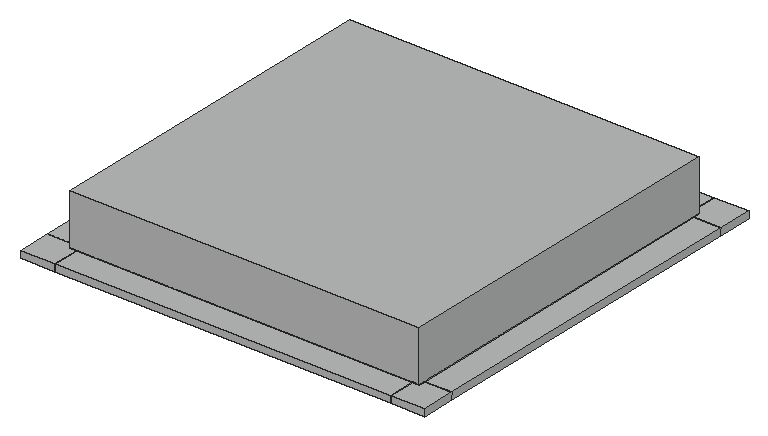
Revit family "ALUMOGIPS", category Осветительные приборы, Revit 2019 (continued)
Types (72, lengths in mm): name | Файл фотометрической сетки | built-in parameter 1150105 | Lumens | built-in parameter 1150106 | built-in parameter 1150142 | Wattage | Emit from Rectangle Width | Emit from Rectangle Length | Длина | Материал светильника | Ширина | ADSK_Ток | ADSK_Полная мощность | ADSK_Обозначение | ADSK_Номинальная мощность | ADSK_Наименование | ADSK_Масса | ADSK_Код изделия
    196 0.098 0.000 \r\n2755.907 2753.946 2748.260 2737.478 2720.912 2700.033 2674.744 2645.337 2610.931 2572.507 2529.769 2483.012 2433.216 2379.303 2322.156 2262.167 2199.040 2133.267 \r\n2064.945 1994.662 1921.734 1847.335 1770.975 1693.244 1613.943 1533.270 1451.127 1368.494 1281.058 1195.288 1110.695 1024.631 938.959 853.581 767.909 683.414 599.507 517.559 \r\n437.573 360.625 287.010 217.904 151.347 91.455 37.150 3.725 3.627 3.529 3.529 3.431 3.332 3.234 3.137 3.039 2.941 2.941 2.842 2.744 2.647 2.549 2.450 2.450 2.352 2.254 2.157 2.059 1.960 1.862 1.862 \r\n1.764 1.667 1.569 1.470 1.372 1.372 1.274 1.177 1.078 0.980 0.882 0.784 0.784 0.687 0.588 0.490 0.392 0.294 0.294 0.196 0.098 0.000 \r\n2755.907 2754.044 2748.359 2737.675 2721.304 2700.425 2675.332 2645.925 2611.617 2573.192 2530.454 2483.697 2434.000 2380.185 2322.940 2263.049 2200.021 2134.149 \r\n2065.925 1995.642 1922.714 1848.315 1772.053 1694.224 1614.923 1534.152 1452.107 1369.377 1282.038 1196.170 1111.380 1025.316 939.645 854.170 768.399 683.806 599.899 517.854 \r\n437.868 360.822 287.207 218.003 151.445 91.455 37.248 3.725 3.627 3.529 3.529 3.431 3.332 3.234 3.137 3.039 3.039 2.941 2.842 2.744 2.647 2.549 2.450 2.450 2.352 2.254 2.157 2.059 1.960 1.862 1.862 \r\n1.764 1.667 1.569 1.470 1.372 1.372 1.274 1.177 1.078 0.980 0.882 0.784 0.784 0.687 0.588 0.490 0.392 0.294 0.294 0.196 0.098 0.000 \r\n2755.907 2754.142 2748.457 2737.968 2721.599 2700.818 2675.822 2646.415 2612.304 2573.879 2531.141 2484.482 2434.785 2380.970 2323.823 2263.931 2201.001 2135.129 \r\n2066.905 1996.624 1923.694 1849.295 1773.033 1695.204 1615.903 1535.132 1452.990 1370.259 1282.921 1196.954 1112.165 1026.101 940.234 854.757 768.890 684.296 600.291 518.147 \r\n438.161 361.017 287.402 218.100 151.445 91.553 37.248 3.725 3.627 3.529 3.529 3.431 3.332 3.234 3.137 3.039 3.039 2.941 2.842 2.744 2.647 2.549 2.450 2.450 2.352 2.254 2.157 2.059 1.960 1.960 1.862 \r\n1.764 1.667 1.569 1.470 1.372 1.372 1.274 1.177 1.078 0.980 0.882 0.784 0.784 0.687 0.588 0.490 0.392 0.294 0.294 0.196 0.098 0.000 \r\n2755.907 2754.240 2748.652 2738.262 2721.892 2701.210 2676.410 2647.004 2612.989 2574.564 2531.826 2485.168 2435.569 2381.852 2324.705 2264.813 2201.981 2136.109 \r\n2067.885 1997.604 1924.674 1850.276 1774.014 1696.184 1616.883 1536.015 1453.872 1371.141 1283.901 1197.739 1112.949 1026.788 940.919 855.345 769.380 684.688 600.682 518.539 \r\n438.358 361.214 287.500 218.296 151.543 91.553 37.347 3.725 3.627 3.627 3.529 3.431 3.332 3.234 3.137 3.039 3.039 2.941 2.842 2.744 2.647 2.549 2.450 2.450 2.352 2.254 2.157 2.059 1.960 1.960 1.862 \r\n1.764 1.667 1.569 1.470 1.372 1.372 1.274 1.177 1.078 0.980 0.882 0.784 0.784 0.687 0.588 0.490 0.392 0.294 0.294 0.196 0.098 0.000 \r\n2755.907 2754.338 2748.751 2738.557 2722.187 2701.700 2676.901 2647.592 2613.676 2575.251 2532.513 2485.854 2436.352 2382.734 2325.587 2265.696 2202.961 2136.991 \r\n2068.866 1998.584 1925.753 1851.354 1774.994 1697.164 1617.864 1536.995 1454.852 1372.023 1284.783 1198.621 1113.635 1027.473 941.606 855.934 769.968 685.178 601.074 518.834 \r\n438.651 361.409 287.697 218.395 151.641 91.651 37.445 3.725 3.627 3.627 3.529 3.431 3.332 3.234 3.137 3.039 3.039 2.941 2.842 2.744 2.647 2.549 2.450 2.450 2.352 2.254 2.157 2.059 1.960 1.960 1.862 \r\n1.764 1.667 1.569 1.470 1.372 1.372 1.274 1.177 1.078 0.980 0.882 0.784 0.784 0.687 0.588 0.490 0.392 0.294 0.294 0.196 0.098 0.000 \r\n2755.907 2754.436 2748.849 2738.752 2722.481 2702.092 2677.391 2648.179 2614.264 2576.035 2533.199 2486.638 2437.137 2383.616 2326.469 2266.578 2203.941 2137.971 \r\n2069.846 1999.466 1926.733 1852.334 1775.974 1698.145 1618.746 1537.877 1455.734 1372.905 1285.665 1199.405 1114.419 1028.160 942.194 856.424 770.458 685.668 601.467 519.128 \r\n438.945 361.606 287.892 218.493 151.739 91.651 37.445 3.725 3.627 3.627 3.529 3.431 3.332 3.234 3.137 3.039 3.039 2.941 2.842 2.744 2.647 2.549 2.549 2.450 2.352 2.254 2.157 2.059 1.960 1.960 1.862 \r\n1.764 1.667 1.569 1.470 1.372 1.372 1.274 1.177 1.078 0.980 0.882 0.882 0.784 0.687 0.588 0.490 0.392 0.294 0.294 0.196 0.098 0.000 \r\n2755.907 2754.632 2748.947 2739.047 2722.774 2702.484 2677.979 2648.669 2614.950 2576.721 2533.885 2487.325 2437.921 2384.401 2327.352 2267.460 2204.922 2138.952 \r\n2070.729 2000.446 1927.713 1853.314 1776.954 1699.125 1619.726 1538.857 1456.616 1373.787 1286.645 1200.189 1115.204 1028.943 942.880 857.012 770.948 686.061 601.859 519.422 \r\n439.240 361.899 287.991 218.590 151.837 91.750 37.543 3.725 3.627 3.627 3.529 3.431 3.332 3.234 3.137 3.039 3.039 2.941 2.842 2.744 2.647 2.549 2.549 2.450 2.352 2.254 2.157 2.059 1.960 1.960 1.862 \r\n1.764 1.667 1.569 1.470 1.372 1.372 1.274 1.177 1.078 0.980 0.882 0.882 0.784 0.687 0.588 0.490 0.392 0.294 0.294 0.196 0.098 0.000 \r\n2755.907 2754.730 2749.045 2739.340 2723.069 2702.877 2678.469 2649.258 2615.636 2577.407 2534.571 2488.108 2438.706 2385.283 2328.234 2268.342 2205.902 2139.835 \r\n2071.709 2001.426 1928.693 1854.295 1777.934 1700.105 1620.706 1539.739 1457.596 1374.571 1287.527 1201.071 1115.889 1029.630 943.468 857.600 771.438 686.551 602.251 519.814 \r\n439.435 362.096 288.187 218.688 151.837 91.750 37.640 3.725 3.627 3.627 3.529 3.431 3.332 3.234 3.137 3.137 3.039 2.941 2.842 2.744 2.647 2.549 2.549 2.450 2.352 2.254 2.157 2.059 1.960 1.960 1.862 \r\n1.764 1.667 1.569 1.470 1.372 1.372 1.274 1.177 1.078 0.980 0.882 0.882 0.784 0.687 0.588 0.490 0.392 0.294 0.294 0.196 0.098 0.000 \r\n2755.907 2754.828 2749.241 2739.537 2723.363 2703.269 2678.959 2649.846 2616.323 2578.093 2535.160 2488.795 2439.489 2386.165 2329.116 2269.224 2206.882 2140.815 \r\n2072.689 2002.407 1929.772 1855.373 1778.915 1701.183 1621.686 1540.720 1458.479 1375.453 1288.409 1201.856 1116.674 1030.316 944.154 858.188 772.027 687.041 602.643 520.108 \r\n439.730 362.292 288.382 218.786 151.936 91.847 37.640 3.725 3.725 3.627 3.529 3.431 3.332 3.234 3.137 3.137 3.039 2.941 2.842 2.744 2.647 2.549 2.549 2.450 2.352 2.254 2.157 2.059 1.960 1.960 1.862 \r\n1.764 1.667 1.569 1.470 1.372 1.372 1.274 1.177 1.078 0.980 0.882 0.882 0.784 0.687 0.588 0.490 0.392 0.294 0.294 0.196 0.098 0.000 \r\n2755.907 2754.926 2749.339 2739.831 2723.756 2703.759 2679.546 2650.434 2617.008 2578.780 2535.845 2489.579 2440.274 2386.950 2329.998 2270.107 2207.862 2141.795 \r\n2073.669 2003.387 1930.752 1856.353 1779.993 1702.164 1622.666 1541.602 1459.361 1376.336 1289.390 1202.640 1117.458 1031.002 944.742 858.776 772.517 687.433 603.036 520.403 \r\n440.023 362.488 288.481 218.885 152.033 91.945 37.739 3.725 3.725 3.627 3.529 3.431 3.332 3.234 3.137 3.137 3.039 2.941 2.842 2.744 2.647 2.549 2.549 2.450 2.352 2.254 2.157 2.059 1.960 1.960 1.862 \r\n1.764 1.667 1.569 1.470 1.470 1.372 1.274 1.177 1.078 0.980 0.882 0.882 0.784 0.687 0.588 0.490 0.392 0.294 0.294 0.196 0.098 0.000 \r\n2755.907 2755.025 2749.437 2740.125 2724.049 2704.151 2680.037 2650.924 2617.597 2579.466 2536.532 2490.265 2441.058 2387.832 2330.783 2270.989 2208.842 2142.677 \r\n2074.650 2004.367 1931.732 1857.333 1780.973 1703.144 1623.549 1542.582 1460.341 1377.218 1290.272 1203.522 1118.144 1031.786 945.428 859.364 773.007 687.923 603.428 520.696 \r\n440.318 362.684 288.677 218.983 152.131 91.945 37.739 3.725 3.725 3.627 3.529 3.431 3.332 3.234 3.137 3.137 3.039 2.941 2.842 2.744 2.647 2.549 2.549 2.450 2.352 2.254 2.157 2.059 1.960 1.960 1.862 \r\n1.764 1.667 1.569 1.470 1.470 1.372 1.274 1.177 1.078 0.980 0.882 0.882 0.784 0.687 0.588 0.490 0.392 0.294 0.294 0.196 0.098 0.000 \r\n2755.907 2755.122 2749.535 2740.321 2724.343 2704.542 2680.527 2651.513 2618.283 2580.152 2537.218 2491.049 2441.842 2388.714 2331.665 2271.871 2209.823 2143.657 \r\n2075.630 2005.249 1932.712 1858.314 1781.953 1704.124 1624.530 1543.465 1461.223 1378.100 1291.252 1204.307 1118.928 1032.472 946.115 859.953 773.497 688.315 603.820 521.088 \r\n440.513 362.879 288.873 219.081 152.229 92.043 37.837 3.725 3.725 3.627 3.529 3.431 3.332 3.234 3.137 3.137 3.039 2.941 2.842 2.744 2.647 2.549 2.549 2.450 2.352 2.254 2.157 2.059 2.059 1.960 1.862 \r\n1.764 1.667 1.569 1.470 1.470 1.372 1.274 1.177 1.078 0.980 0.882 0.882 0.784 0.687 0.588 0.490 0.392 0.294 0.294 0.196 0.098 0.000 \r\n2755.907 2755.318 2749.633 2740.615 2724.638 2704.934 2681.115 2652.101 2618.969 2580.838 2537.904 2491.735 2442.626 2389.596 2332.547 2272.753 2210.803 2144.637 \r\n2076.512 2006.229 1933.693 1859.294 1782.934 1705.104 1625.510 1544.445 1462.105 1378.982 1292.134 1205.090 1119.713 1033.159 946.703 860.443 774.085 688.805 604.211 521.383 \r\n440.808 363.076 288.971 219.178 152.229 92.043 37.935 3.725 3.725 3.627 3.529 3.431 3.332 3.234 3.137 3.137 3.039 2.941 2.842 2.744 2.647 2.647 2.549 2.450 2.352 2.254 2.157 2.059 2.059 1.960 1.862 \r\n1.764 1.667 1.569 1.470 1.470 1.372 1.274 1.177 1.078 0.980 0.882 0.882 0.784 0.687 0.588 0.490 0.392 0.294 0.294 0.196 0.098 0.000 \r\n2755.907 2755.417 2749.829 2740.909 2724.931 2705.327 2681.605 2652.591 2619.655 2581.524 2538.590 2492.422 2443.410 2390.380 2333.429 2273.636 2211.783 2145.519 \r\n2077.492 2007.209 1934.771 1860.371 1783.914 1706.084 1626.490 1545.327 1463.086 1379.865 1293.016 1205.874 1120.398 1033.844 947.389 861.031 774.575 689.295 604.603 521.676 \r\n441.102 363.272 289.167 219.277 152.327 92.142 37.935 3.823 3.725 3.627 3.529 3.431 3.332 3.234 3.234 3.137 3.039 2.941 2.842 2.744 2.647 2.647 2.549 2.450 2.352 2.254 2.157 2.059 2.059 1.960 1.862 \r\n1.764 1.667 1.569 1.470 1.470 1.372 1.274 1.177 1.078 0.980 0.882 0.882 0.784 0.687 0.588 0.490 0.392 0.294 0.294 0.196 0.098 0.000 \r\n2755.907 2755.515 2749.927 2741.203 2725.226 2705.817 2682.095 2653.178 2620.341 2582.210 2539.276 2493.206 2444.195 2391.262 2334.312 2274.616 2212.763 2146.500 \r\n2078.472 2008.190 1935.751 1861.352 1784.894 1707.065 1627.470 1546.307 1463.968 1380.649 1293.997 1206.757 1121.183 1034.629 947.977 861.619 775.065 689.687 604.996 521.971 \r\n441.396 363.468 289.363 219.375 152.426 92.142 38.033 3.823 3.725 3.627 3.529 3.431 3.332 3.234 3.234 3.137 3.039 2.941 2.842 2.744 2.647 2.647 2.549 2.450 2.352 2.254 2.157 2.059 2.059 1.960 1.862 \r\n1.764 1.667 1.569 1.470 1.470 1.372 1.274 1.177 1.078 0.980 0.882 0.882 0.784 0.687 0.588 0.490 0.392 0.294 0.294 0.196 0.098 0.000 \r\n2755.907 2755.612 2750.025 2741.399 2725.520 2706.209 2682.683 2653.767 2620.929 2582.897 2539.963 2493.892 2444.979 2392.144 2335.194 2275.498 2213.743 2147.480 \r\n2079.452 2009.170 1936.731 1862.333 1785.874 1708.045 1628.352 1547.189 1464.851 1381.531 1294.879 1207.541 1121.869 1035.315 948.664 862.207 775.555 690.177 605.388 522.363 \r\n441.592 363.762 289.461 219.473 152.523 92.240 38.130 3.823 3.725 3.627 3.529 3.431 3.332 3.234 3.234 3.137 3.039 2.941 2.842 2.744 2.647 2.647 2.549 2.450 2.352 2.254 2.157 2.059 2.059 1.960 1.862 \r\n1.764 1.667 1.569 1.470 1.470 1.372 1.274 1.177 1.078 0.980 0.882 0.882 0.784 0.687 0.588 0.490 0.392 0.294 0.294 0.196 0.098 0.000 \r\n2755.907 2755.710 2750.124 2741.693 2725.813 2706.601 2683.174 2654.355 2621.616 2583.582 2540.551 2494.676 2445.762 2392.929 2336.076 2276.380 2214.724 2148.362 \r\n2080.432 2010.053 1937.712 1863.313 1786.854 1709.025 1629.332 1548.169 1465.831 1382.413 1295.762 1208.325 1122.654 1036.001 949.349 862.795 776.143 690.667 605.780 522.657 \r\n441.887 363.958 289.657 219.571 152.621 92.240 38.130 3.823 3.725 3.627 3.529 3.431 3.332 3.234 3.234 3.137 3.039 2.941 2.842 2.744 2.647 2.647 2.549 2.450 2.352 2.254 2.157 2.059 2.059 1.960 1.862 \r\n1.764 1.667 1.569 1.470 1.470 1.372 1.274 1.177 1.078 0.980 0.882 0.882 0.784 0.687 0.588 0.490 0.392 0.294 0.294 0.196 0.098 0.000 \r\n2755.907 2755.808 2750.319 2741.987 2726.108 2706.993 2683.762 2654.845 2622.302 2584.269 2541.237 2495.363 2446.547 2393.811 2336.958 2277.262 2215.704 2149.342 \r\n2081.413 2011.033 1938.692 1864.293 1787.835 1710.005 1630.312 1549.051 1466.713 1383.296 1296.742 1209.208 1123.437 1036.688 949.937 863.383 776.633 691.060 606.172 522.951 \r\n442.180 364.154 289.853 219.767 152.621 92.337 38.229 3.823 3.725 3.627 3.529 3.431 3.332 3.234 3.234 3.137 3.039 2.941 2.842 2.744 2.647 2.647 2.549 2.450 2.352 2.254 2.157 2.059 2.059 1.960 1.862 \r\n1.764 1.667 1.569 1.470 1.470 1.372 1.274 1.177 1.078 0.980 0.882 0.882 0.784 0.687 0.588 0.490 0.392 0.294 0.294 0.196 0.098 0.000 \r\n2755.907 2756.005 2750.417 2742.183 2726.500 2707.385 2684.252 2655.433 2622.988 2584.955 2541.923 2496.146 2447.331 2394.693 2337.839 2278.144 2216.684 2150.322 \r\n2082.295 2012.013 1939.770 1865.370 1788.913 1710.985 1631.293 1550.032 1467.693 1384.178 1297.624 1209.991 1124.124 1037.472 950.624 863.972 777.123 691.550 606.564 523.245 \r\n442.474 364.350 289.951 219.865 152.719 92.435 38.229 3.823 3.725 3.627 3.529 3.431 3.332 3.332 3.234 3.137 3.039 2.941 2.842 2.744 2.744 2.647 2.549 2.450 2.352 2.254 2.157 2.059 2.059 1.960 1.862 \r\n1.764 1.667 1.569 1.470 1.470 1.372 1.274 1.177 1.078 0.980 0.882 0.882 0.784 0.687 0.588 0.490 0.392 0.294 0.294 0.196 0.098 0.000 \r\n2755.907 2756.102 2750.516 2742.478 2726.793 2707.875 2684.742 2656.022 2623.674 2585.641 2542.609 2496.833 2448.116 2395.575 2338.624 2279.027 2217.664 2151.205 \r\n2083.275 2012.993 1940.750 1866.351 1789.893 1711.966 1632.273 1550.915 1468.575 1385.060 1298.604 1210.776 1124.908 1038.158 951.211 864.462 777.614 691.942 606.957 523.637 \r\n442.670 364.546 290.147 219.963 152.818 92.435 38.327 3.823 3.725 3.627 3.529 3.431 3.332 3.332 3.234 3.137 3.039 2.941 2.842 2.744 2.744 2.647 2.549 2.450 2.352 2.254 2.157 2.157 2.059 1.960 1.862 \r\n1.764 1.667 1.569 1.470 1.470 1.372 1.274 1.177 1.078 0.980 0.882 0.882 0.784 0.687 0.588 0.490 0.392 0.294 0.294 0.196 0.098 0.000 \r\n2755.907 2756.200 2750.614 2742.771 2727.088 2708.268 2685.330 2656.610 2624.360 2586.327 2543.295 2497.518 2448.899 2396.360 2339.506 2279.909 2218.644 2152.185 \r\n2084.255 2013.974 1941.731 1867.331 1790.873 1712.946 1633.253 1551.895 1469.457 1385.942 1299.486 1211.658 1125.692 1038.844 951.898 865.050 778.201 692.432 607.348 523.931 \r\n442.964 364.743 290.343 220.061 152.916 92.533 38.425 3.823 3.725 3.627 3.529 3.431 3.332 3.332 3.234 3.137 3.039 2.941 2.842 2.744 2.744 2.647 2.549 2.450 2.352 2.254 2.157 2.157 2.059 1.960 1.862 \r\n1.764 1.667 1.569 1.470 1.470 1.372 1.274 1.177 1.078 0.980 0.882 0.882 0.784 0.687 0.588 0.490 0.392 0.294 0.294 0.196 0.098 0.000 \r\n2755.907 2756.299 2750.711 2742.968 2727.382 2708.660 2685.821 2657.100 2624.948 2587.013 2543.982 2498.303 2449.684 2397.242 2340.388 2280.791 2219.624 2153.166 \r\n2085.235 2014.954 1942.711 1868.312 1791.854 1713.926 1634.135 1552.777 1470.437 1386.726 1300.368 1212.442 1126.378 1039.530 952.486 865.638 778.692 692.922 607.740 524.225 \r\n443.259 364.938 290.441 220.159 153.013 92.533 38.425 3.823 3.725 3.627 3.529 3.431 3.332 3.332 3.234 3.137 3.039 2.941 2.842 2.744 2.744 2.647 2.549 2.450 2.352 2.254 2.157 2.157 2.059 1.960 1.862 \r\n1.764 1.667 1.569 1.569 1.470 1.372 1.274 1.177 1.078 0.980 0.882 0.882 0.784 0.687 0.588 0.490 0.392 0.294 0.294 0.196 0.098 0.000 \r\n2755.907 2756.397 2750.907 2743.261 2727.676 2709.052 2686.311 2657.687 2625.635 2587.700 2544.668 2498.989 2450.468 2398.124 2341.271 2281.673 2220.605 2154.047 \r\n2086.215 2015.836 1943.691 1869.292 1792.834 1714.906 1635.115 1553.757 1471.320 1387.608 1301.348 1213.227 1127.163 1040.314 953.173 866.226 779.182 693.314 608.132 524.519 \r\n443.552 365.134 290.637 220.257 153.013 92.632 38.523 3.823 3.725 3.627 3.529 3.431 3.332 3.332 3.234 3.137 3.039 2.941 2.842 2.744 2.744 2.647 2.549 2.450 2.352 2.254 2.157 2.157 2.059 1.960 1.862 \r\n1.764 1.667 1.569 1.569 1.470 1.372 1.274 1.177 1.078 0.980 0.882 0.882 0.784 0.687 0.588 0.490 0.392 0.294 0.294 0.196 0.098 0.000 \r\n2755.907 2756.495 2751.006 2743.556 2727.970 2709.443 2686.899 2658.276 2626.320 2588.484 2545.255 2499.773 2451.252 2399.006 2342.153 2282.556 2221.585 2155.028 \r\n2087.196 2016.816 1944.769 1870.370 1793.814 1715.886 1636.095 1554.639 1472.202 1388.490 1302.231 1214.109 1127.946 1041.000 953.858 866.814 779.672 693.804 608.524 524.912 \r\n443.749 365.330 290.833 220.355 153.111 92.632 38.523 3.823 3.725 3.627 3.529 3.431 3.431 3.332 3.234 3.137 3.039 2.941 2.842 2.744 2.744 2.
